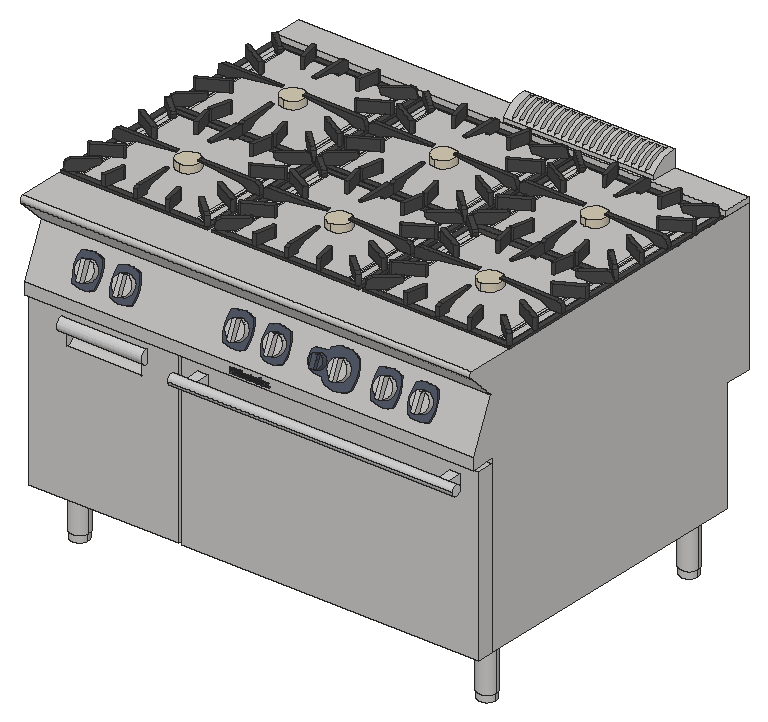
Revit family "QF_ELECTROLUXPROFESSIONAL_391014_E9GCGL6C1M", category Specialty Equipment, Revit 2018 (continued)
Automatic sketch dimensions
  Extrusion 36 sketch curve to Extrusion 36 sketch curve = 0.462 mm
  Extrusion 36 sketch curve to Extrusion 36 sketch curve = 1.386 mm
  Extrusion 36 sketch curve to Extrusion 36 sketch curve = 1.742 mm
  Extrusion 36 sketch curve to Extrusion 36 sketch curve = 0.821 mm
  Extrusion 36 sketch curve to Extrusion 36 sketch curve = 0.497 mm
  Extrusion 36 sketch curve to Extrusion 36 sketch curve = 0.539 mm
  Extrusion 36 sketch curve to Extrusion 36 sketch curve = 0.686 mm
  Extrusion 36 sketch curve to plane 7 "Center Y" = 0.042 mm
  Extrusion 36 sketch curve to Extrusion 36 sketch curve = 0.408 mm
  Extrusion 36 sketch curve to Extrusion 36 sketch curve = 0.743 mm
  Extrusion 36 sketch curve to Extrusion 36 sketch curve = 1.16 mm
  Extrusion 36 sketch curve to Extrusion 36 sketch curve = 0.329 mm
  Extrusion 36 sketch curve to Extrusion 36 sketch curve = 1.054 mm
  Extrusion 36 sketch curve to Extrusion 36 sketch curve = 1.056 mm
  Extrusion 36 sketch curve to Extrusion 36 sketch curve = 0.129 mm
  Extrusion 36 sketch curve to Extrusion 36 sketch curve = 0.489 mm
  Extrusion 36 sketch curve to plane 7 "Center Y" = 0.376 mm
  Extrusion 36 sketch curve to Extrusion 36 sketch curve = 0.441 mm
  Extrusion 36 sketch curve to Extrusion 36 sketch curve = 1.151 mm
  Extrusion 36 sketch curve to Extrusion 36 sketch curve = 1.141 mm  (x2)
  Extrusion 36 sketch curve to Extrusion 36 sketch curve = 0.768 mm
  Extrusion 36 sketch curve to Extrusion 36 sketch curve = 1.653 mm
  Extrusion 36 sketch curve to Extrusion 36 sketch curve = 0.499 mm
  Extrusion 36 sketch curve to Extrusion 36 sketch curve = 0.964 mm
  Extrusion 36 sketch curve to Extrusion 36 sketch curve = 0.949 mm
  Extrusion 36 sketch curve to Extrusion 36 sketch curve = 1.345 mm  (x3)
  Extrusion 36 sketch curve to Extrusion 36 sketch curve = 1.101 mm
  Extrusion 36 sketch curve to Extrusion 36 sketch curve = 0.432 mm
  Extrusion 36 sketch curve to Extrusion 36 sketch curve = 1.142 mm
  Extrusion 36 sketch curve to Extrusion 36 sketch curve = 0.959 mm
  Extrusion 36 sketch curve to Extrusion 36 sketch curve = 0.176 mm
  Extrusion 36 sketch curve to Extrusion 36 sketch curve = 0.728 mm
  Extrusion 36 sketch curve to Extrusion 36 sketch curve = 3.375 mm  (x2)
  Extrusion 36 sketch curve to Extrusion 36 sketch curve = 0.541 mm
  Extrusion 36 sketch curve to Extrusion 36 sketch curve = 0.955 mm
  Extrusion 36 sketch curve to Extrusion 36 sketch curve = 1.251 mm
  Extrusion 36 sketch curve to Extrusion 36 sketch curve = 0.572 mm
  plane 7 "Center Y" to Extrusion 36 sketch curve = 47.619 mm
  Extrusion 36 sketch curve to Extrusion 36 sketch curve = 1.92 mm
  Extrusion 36 sketch curve to Extrusion 36 sketch curve = 1.224 mm
  Extrusion 36 sketch curve to Extrusion 36 sketch curve = 0.745 mm
  Extrusion 36 sketch curve to Extrusion 36 sketch curve = 0.036 mm
  Extrusion 36 sketch curve to Extrusion 36 sketch curve = 0.896 mm  (x3)
  Extrusion 36 sketch curve to Extrusion 36 sketch curve = 2.607 mm
  Extrusion 36 sketch curve to Extrusion 36 sketch curve = 0.066 mm
  Extrusion 36 sketch curve to Extrusion 36 sketch curve = 0.248 mm
  Extrusion 36 sketch curve to Extrusion 36 sketch curve = 0.449 mm
  plane 7 "Center Y" to Extrusion 36 sketch curve = 46.838 mm
  Extrusion 36 sketch curve to Extrusion 36 sketch curve = 1.052 mm
  Extrusion 36 sketch curve to Extrusion 36 sketch curve = 1.863 mm
  Extrusion 36 sketch curve to Extrusion 36 sketch curve = 1.31 mm  (x2)
  Extrusion 36 sketch curve to Extrusion 36 sketch curve = 0.901 mm
  Extrusion 36 sketch curve to Extrusion 36 sketch curve = 1.107 mm
  Extrusion 36 sketch curve to Extrusion 36 sketch curve = 2.122 mm
  Extrusion 36 sketch curve to Extrusion 36 sketch curve = 2.101 mm
  Extrusion 36 sketch curve to Extrusion 36 sketch curve = 0.106 mm
  Extrusion 36 sketch curve to Extrusion 36 sketch curve = 0.029 mm
  plane 7 "Center Y" to Extrusion 36 sketch curve = 49.641 mm
  Extrusion 36 sketch curve to Extrusion 36 sketch curve = 2.09 mm
  Extrusion 36 sketch curve to Extrusion 36 sketch curve = 1.279 mm
  Extrusion 36 sketch curve to Extrusion 36 sketch curve = 2.008 mm
  Extrusion 36 sketch curve to Extrusion 36 sketch curve = 0.738 mm
  Extrusion 36 sketch curve to Extrusion 36 sketch curve = 0.382 mm
  Extrusion 36 sketch curve to Extrusion 36 sketch curve = 0.384 mm
  Extrusion 36 sketch curve to Extrusion 36 sketch curve = 0.002 mm
  Extrusion 36 sketch curve to Extrusion 36 sketch curve = 0.561 mm
  Extrusion 36 sketch curve to Extrusion 36 sketch curve = 0.592 mm
  Extrusion 36 sketch curve to Extrusion 36 sketch curve = 2.692 mm
  Extrusion 36 sketch curve to Extrusion 36 sketch curve = 1.259 mm
  plane 7 "Center Y" to Extrusion 36 sketch curve = 48.858 mm
  Extrusion 36 sketch curve to Extrusion 36 sketch curve = 0.802 mm
  Extrusion 36 sketch curve to Extrusion 36 sketch curve = 1.024 mm
  Extrusion 36 sketch curve to Extrusion 36 sketch curve = 0.682 mm
  Extrusion 36 sketch curve to Extrusion 36 sketch curve = 5.934 mm
  Extrusion 36 sketch curve to Extrusion 36 sketch curve = 2.186 mm
  Extrusion 36 sketch curve to Extrusion 36 sketch curve = 0.337 mm
  Extrusion 36 sketch curve to Extrusion 36 sketch curve = 0.021 mm
  Extrusion 36 sketch curve to Extrusion 36 sketch curve = 1.005 mm
  Extrusion 36 sketch curve to Extrusion 36 sketch curve = 0.552 mm
  Extrusion 36 sketch curve to Extrusion 36 sketch curve = 0.778 mm
  Extrusion 36 sketch curve to Extrusion 36 sketch curve = 0.063 mm
  Extrusion 36 sketch curve to Extrusion 36 sketch curve = 1.023 mm
  Extrusion 36 sketch curve to Extrusion 36 sketch curve = 3.804 mm
  Extrusion 36 sketch curve to Extrusion 36 sketch curve = 0.486 mm
  Extrusion 36 sketch curve to Extrusion 36 sketch curve = 0.266 mm
  Extrusion 36 sketch curve to plane 7 "Center Y" = 0.787 mm
  Extrusion 36 sketch curve to Extrusion 36 sketch curve = 1.547 mm
  Extrusion 36 sketch curve to Extrusion 36 sketch curve = 0.717 mm  (x2)
  Extrusion 36 sketch curve to Extrusion 36 sketch curve = 1.667 mm
  plane 7 "Center Y" to Extrusion 36 sketch curve = 44.532 mm
  Extrusion 36 sketch curve to Extrusion 36 sketch curve = 3.174 mm
  plane 7 "Center Y" to Extrusion 36 sketch curve = 0.368 mm
  Extrusion 36 sketch curve to Extrusion 36 sketch curve = 0.388 mm
  Extrusion 36 sketch curve to Extrusion 36 sketch curve = 1.342 mm
  plane 7 "Center Y" to Extrusion 36 sketch curve = 50.135 mm
  Extrusion 36 sketch curve to Extrusion 36 sketch curve = 1.521 mm
  plane 7 "Center Y" to Extrusion 36 sketch curve = 51.694 mm
  Extrusion 36 sketch curve to Extrusion 36 sketch curve = 0.124 mm
  Extrusion 36 sketch curve to Extrusion 36 sketch curve = 0.291 mm
  plane 7 "Center Y" to Extrusion 36 sketch curve = 7.285 mm
  Extrusion 36 sketch curve to Extrusion 36 sketch curve = 1.049 mm  (x2)
  plane 7 "Center Y" to Extrusion 36 sketch curve = 47.668 mm
  Extrusion 36 sketch curve to Extrusion 36 sketch curve = 1.7 mm
  Extrusion 36 sketch curve to Extrusion 36 sketch curve = 0.894 mm
  Extrusion 36 sketch curve to Extrusion 36 sketch curve = 0.989 mm
  Extrusion 36 sketch curve to Extrusion 36 sketch curve = 1.168 mm
  Extrusion 36 sketch curve to Extrusion 36 sketch curve = 1.594 mm
  Extrusion 36 sketch curve to Extrusion 36 sketch curve = 0.731 mm
  Extrusion 36 sketch curve to Extrusion 36 sketch curve = 1.566 mm
  Extrusion 36 sketch curve to Extrusion 36 sketch curve = 0.064 mm
  plane 7 "Center Y" to Extrusion 36 sketch curve = 7.842 mm
  Extrusion 36 sketch curve to Extrusion 36 sketch curve = 0.556 mm
  Extrusion 36 sketch curve to Extrusion 36 sketch curve = 0.48 mm
  Extrusion 36 sketch curve to Extrusion 36 sketch curve = 0.228 mm
  Extrusion 36 sketch curve to Extrusion 36 sketch curve = 1.018 mm
  plane 7 "Center Y" to Extrusion 36 sketch curve = 37.429 mm
  Extrusion 36 sketch curve to Extrusion 36 sketch curve = 0.787 mm
  Extrusion 36 sketch curve to Extrusion 36 sketch curve = 0.618 mm
  plane 7 "Center Y" to Extrusion 36 sketch curve = 42.486 mm
  Extrusion 36 sketch curve to Extrusion 36 sketch curve = 1.672 mm
  plane 7 "Center Y" to Extrusion 36 sketch curve = 53.436 mm
  Extrusion 36 sketch curve to Extrusion 36 sketch curve = 1.361 mm
  Extrusion 36 sketch curve to Extrusion 36 sketch curve = 0.822 mm
  Extrusion 36 sketch curve to Extrusion 36 sketch curve = 0.069 mm
  Extrusion 36 sketch curve to Extrusion 36 sketch curve = 1.88 mm
  plane 7 "Center Y" to Extrusion 36 sketch curve = 35.269 mm
  Extrusion 36 sketch curve to Extrusion 36 sketch curve = 0.42 mm
  Extrusion 36 sketch curve to Extrusion 36 sketch curve = 0.062 mm
  Extrusion 36 sketch curve to Extrusion 36 sketch curve = 1.355 mm
  Extrusion 36 sketch curve to Extrusion 36 sketch curve = 2.34 mm
  Extrusion 36 sketch curve to Extrusion 36 sketch curve = 0.493 mm
  Extrusion 36 sketch curve to Extrusion 36 sketch curve = 0.136 mm
  Extrusion 36 sketch curve to Extrusion 36 sketch curve = 0.128 mm
  Extrusion 36 sketch curve to Extrusion 36 sketch curve = 3.616 mm
  Extrusion 36 sketch curve to Extrusion 36 sketch curve = 4.207 mm
  Extrusion 36 sketch curve to Extrusion 36 sketch curve = 0.183 mm
  Extrusion 36 sketch curve to Extrusion 36 sketch curve = 0.895 mm
  Extrusion 36 sketch curve to Extrusion 36 sketch curve = 1.314 mm
  Extrusion 36 sketch curve to Extrusion 36 sketch curve = 3.231 mm
  Extrusion 36 sketch curve to plane 7 "Center Y" = 23.526 mm
  Extrusion 36 sketch curve to Extrusion 36 sketch curve = 1.299 mm
  Extrusion 36 sketch curve to Extrusion 36 sketch curve = 1.214 mm
  plane 7 "Center Y" to Extrusion 36 sketch curve = 26.369 mm
  Extrusion 36 sketch curve to Extrusion 36 sketch curve = 1.264 mm
  Extrusion 36 sketch curve to Extrusion 36 sketch curve = 0.109 mm
  Extrusion 36 sketch curve to Extrusion 36 sketch curve = 0.357 mm
  Extrusion 36 sketch curve to Extrusion 36 sketch curve = 0.565 mm
  Extrusion 36 sketch curve to Extrusion 36 sketch curve = 2.504 mm
  Extrusion 36 sketch curve to Extrusion 36 sketch curve = 2.459 mm
  Extrusion 36 sketch curve to Extrusion 36 sketch curve = 0.983 mm
  Extrusion 36 sketch curve to Extrusion 36 sketch curve = 0.422 mm  (x2)
  Extrusion 36 sketch curve to Extrusion 36 sketch curve = 1.268 mm
  Extrusion 36 sketch curve to Extrusion 36 sketch curve = 0.671 mm
  Extrusion 36 sketch curve to Extrusion 36 sketch curve = 1.634 mm
  Extrusion 36 sketch curve to Extrusion 36 sketch curve = 0.132 mm
  Extrusion 36 sketch curve to Extrusion 36 sketch curve = 0.586 mm
  Extrusion 36 sketch curve to Extrusion 36 sketch curve = 1.241 mm
  Extrusion 36 sketch curve to Extrusion 36 sketch curve = 1.689 mm
  Extrusion 36 sketch curve to Extrusion 36 sketch curve = 0.627 mm
  Extrusion 36 sketch curve to Extrusion 36 sketch curve = 0.419 mm
  Extrusion 36 sketch curve to Extrusion 36 sketch curve = 1.514 mm
  Extrusion 36 sketch curve to Extrusion 36 sketch curve = 1.019 mm
  Extrusion 36 sketch curve to Extrusion 36 sketch curve = 0.065 mm
  Extrusion 36 sketch curve to Extrusion 36 sketch curve = 1.215 mm
  Extrusion 36 sketch curve to Extrusion 36 sketch curve = 1.122 mm
  Extrusion 36 sketch curve to Extrusion 36 sketch curve = 1.153 mm
  Extrusion 36 sketch curve to Extrusion 36 sketch curve = 1.223 mm
  Extrusion 36 sketch curve to Extrusion 36 sketch curve = 0.934 mm
  Extrusion 36 sketch curve to Extrusion 36 sketch curve = 3.376 mm
  Extrusion 36 sketch curve to Extrusion 36 sketch curve = 0.222 mm
  Extrusion 36 sketch curve to Extrusion 36 sketch curve = 1.383 mm
  Extrusion 36 sketch curve to Extrusion 36 sketch curve = 1.556 mm
  Extrusion 36 sketch curve to Extrusion 36 sketch curve = 2.559 mm
  Extrusion 36 sketch curve to Extrusion 36 sketch curve = 2.51 mm
  Extrusion 36 sketch curve to Extrusion 36 sketch curve = 0.131 mm
  Extrusion 36 sketch curve to Extrusion 36 sketch curve = 1.134 mm
  Extrusion 36 sketch curve to Extrusion 36 sketch curve = 0.094 mm
  Extrusion 36 sketch curve to Extrusion 36 sketch curve = 1.584 mm
  Extrusion 36 sketch curve to Extrusion 36 sketch curve = 0.27 mm
  Extrusion 36 sketch curve to Extrusion 36 sketch curve = 0.916 mm
  Extrusion 36 sketch curve to Extrusion 36 sketch curve = 0.352 mm
  Extrusion 36 sketch curve to Extrusion 36 sketch curve = 0.458 mm
  Extrusion 36 sketch curve to Extrusion 36 sketch curve = 1.282 mm
  Extrusion 36 sketch curve to Extrusion 36 sketch curve = 1.363 mm
  Extrusion 36 sketch curve to Extrusion 36 sketch curve = 0.685 mm
  Extrusion 36 sketch curve to Extrusion 36 sketch curve = 0.905 mm
  Extrusion 36 sketch curve to Extrusion 36 sketch curve = 1.477 mm
  Extrusion 36 sketch curve to Extrusion 36 sketch curve = 0.472 mm
  Extrusion 36 sketch curve to Extrusion 36 sketch curve = 0.101 mm
  Extrusion 36 sketch curve to Extrusion 36 sketch curve = 0.54 mm
  Extrusion 36 sketch curve to Extrusion 36 sketch curve = 0.02 mm
  Extrusion 36 sketch curve to Extrusion 36 sketch curve = 0.829 mm
  Extrusion 36 sketch curve to Extrusion 36 sketch curve = 0.582 mm
  Extrusion 36 sketch curve to Extrusion 36 sketch curve = 0.166 mm
  Extrusion 36 sketch curve to Extrusion 36 sketch curve = 0.16 mm
  Extrusion 36 sketch curve to Extrusion 36 sketch curve = 1.118 mm
  Extrusion 36 sketch curve to Extrusion 36 sketch curve = 0.613 mm
  Extrusion 36 sketch curve to Extrusion 36 sketch curve = 0.781 mm
  Extrusion 36 sketch curve to Extrusion 36 sketch curve = 0.361 mm
  Extrusion 36 sketch curve to Extrusion 36 sketch curve = 0.897 mm
  Extrusion 36 sketch curve to Extrusion 36 sketch curve = 0.167 mm
  Extrusion 36 sketch curve to Extrusion 36 sketch curve = 0.292 mm
  Extrusion 36 sketch curve to Extrusion 36 sketch curve = 0.305 mm
  Extrusion 36 sketch curve to Extrusion 36 sketch curve = 1.557 mm
  Extrusion 36 sketch curve to Extrusion 36 sketch curve = 2.499 mm
  Extrusion 36 sketch curve to Extrusion 36 sketch curve = 3.062 mm
  Extrusion 36 sketch curve to Extrusion 36 sketch curve = 2.968 mm
  Extrusion 36 sketch curve to Extrusion 36 sketch curve = 5.044 mm
  Extrusion 36 sketch curve to Extrusion 36 sketch curve = 0.629 mm  (x2)
  Extrusion 36 sketch curve to Extrusion 36 sketch curve = 1.131 mm
  Extrusion 36 sketch curve to Extrusion 36 sketch curve = 0.137 mm
  Extrusion 36 sketch curve to Extrusion 36 sketch curve = 0.027 mm
  Extrusion 36 sketch curve to Extrusion 36 sketch curve = 2.046 mm
  Extrusion 36 sketch curve to Extrusion 36 sketch curve = 2.235 mm
  Revolve 37 sketch curve to plane 9 "Base" = 0 mm  (x2)
  Revolve 37 sketch curve to level = 0 mm
  Revolve 37 sketch curve to plane 18 = 0 mm  (x2)
  Revolve 37 sketch curve to Revolve 37 sketch curve = 22.9 mm
  Revolve 37 sketch curve to Revolve 37 sketch curve = 2.5 mm
  plane 9 "Base" to Revolve 37 sketch curve = 20 mm
  level to Revolve 37 sketch curve = 19.05 mm
  Revolve 38 sketch curve to plane 9 "Base" = 0 mm  (x2)
  Revolve 38 sketch curve to level = 0 mm
  Revolve 38 sketch curve to plane 18 = 0 mm  (x2)
  Revolve 38 sketch curve to Revolve 38 sketch curve = 22.9 mm
  Revolve 38 sketch curve to Revolve 38 sketch curve = 2.5 mm
  plane 9 "Base" to Revolve 38 sketch curve = 20 mm
  level to Revolve 38 sketch curve = 19.05 mm
  plane 1 "BACK" to Extrusion 39 sketch curve = 63.911 mm  (x2)
  Extrusion 39 sketch curve to plane 18 = 156.447 mm
  Extrusion 39 sketch curve to Extrusion 39 sketch curve = 9.296 mm  (x20)
  Extrusion 39 sketch curve to Extrusion 39 sketch curve = 9.397 mm  (x19)
  Extrusion 39 sketch curve to Extrusion 39 sketch curve = 0 mm  (x18)
  plane 1 "BACK" to Extrusion 39 sketch curve = 6.761 mm  (x20)
  Revolve 40 sketch curve to plane 9 "Base" = 0 mm  (x2)
  Revolve 40 sketch curve to level = 0 mm
  plane 17 to Revolve 40 sketch curve = 0 mm  (x2)
  plane 17 to Revolve 40 sketch curve = 22.9 mm
  Revolve 40 sketch curve to Revolve 40 sketch curve = 2.5 mm
  level to Revolve 40 sketch curve = 19.05 mm
  plane 9 "Base" to Revolve 40 sketch curve = 20 mm
  Revolve 41 sketch curve to plane 9 "Base" = 0 mm  (x2)
  Revolve 41 sketch curve to level = 0 mm
  plane 17 to Revolve 41 sketch curve = 0 mm  (x2)
  plane 17 to Revolve 41 sketch curve = 22.9 mm
  Revolve 41 sketch curve to Revolve 41 sketch curve = 2.5 mm
  level to Revolve 41 sketch curve = 19.05 mm
  plane 9 "Base" to Revolve 41 sketch curve = 20 mm
  radius of Extrusion 4 sketch curve = 6.4 mm
  radius of Extrusion 9 sketch curve = 12.7 mm
  radius of Extrusion 13 sketch curve = 25.4 mm
  radius of Extrusion 14 sketch curve to Extrusion 13 = 0 mm  (x2)
  radius of Extrusion 16 sketch curve = 25.4 mm
  radius of Extrusion 17 sketch curve to Extrusion 16 = 0 mm  (x2)
  radius of Extrusion 18 sketch curve = 18.37 mm
  radius of Extrusion 21 sketch curve = 25.4 mm
  radius of Extrusion 22 sketch curve to Extrusion 21 = 0 mm  (x2)
  radius of Extrusion 24 sketch curve = 25.4 mm
  radius of Extrusion 25 sketch curve to Extrusion 24 = 0 mm  (x2)
  radius of Extrusion 28 sketch curve = 25.4 mm
  radius of Extrusion 29 sketch curve to Extrusion 28 = 0 mm  (x2)
  radius of Extrusion 31 sketch curve = 25.4 mm
  radius of Extrusion 32 sketch curve to Extrusion 31 = 0 mm  (x2)
  radius of Extrusion 34 sketch curve = 25.4 mm
  radius of Extrusion 35 sketch curve to Extrusion 34 = 0 mm  (x2)
Nested families
  nested 1: "371009_BURNER" at (0, -440.6, 0), type "371009_BURNER"
    with Type Mark "", Status "", Specification by User "", Revision Code "", Item Number "", Installed By "", Identify Quantity as Lot yes, Furnished By "", Foodservice Equipment Identifier yes
  nested 2: "371009_BURNER" at (403.15, -440.6, 0), type "371009_BURNER"
    with Type Mark "", Status "", Specification by User "", Revision Code "", Item Number "", Installed By "", Identify Quantity as Lot yes, Furnished By "", Foodservice Equipment Identifier yes
  nested 3: "371009_BURNER" at (1200, -440.6, 0) x (-1, 0, 0) z (0, 0, 1), type "371009_BURNER"
    with Type Mark "", Status "", Specification by User "", Revision Code "", Item Number "", Installed By "", Identify Quantity as Lot yes, Furnished By "", Foodservice Equipment Identifier yes
  nested 4: "371009_BURNER" at (0, -440.6, 0), type "371009_BURNER"
    with Type Mark "", Status "", Specification by User "", Revision Code "", Item Number "", Installed By "", Identify Quantity as Lot yes, Furnished By "", Foodservice Equipment Identifier yes
  nested 5: "371009_BURNER" at (403.15, -440.6, 0), type "371009_BURNER"
    with Type Mark "", Status "", Specification by User "", Revision Code "", Item Number "", Installed By "", Identify Quantity as Lot yes, Furnished By "", Foodservice Equipment Identifier yes
  nested 6: "371009_BURNER" at (1200, -440.6, 0) x (-1, 0, 0) z (0, 0, 1), type "371009_BURNER"
    with Type Mark "", Status "", Specification by User "", Revision Code "", Item Number "", Installed By "", Identify Quantity as Lot yes, Furnished By "", Foodservice Equipment Identifier yes
Connectors
  piping at (1149, -665, 129), diameter 12.7
    settings: on Extrusion 4, index 1, connector inside diameter 0.50394", connector length 0 mm, flow factor 0, pipe flow 0 GPM, pressure drop 0.00 psi, fitting loss kfactor 0, connector angle 0.00°, fixture units 0, engagement length 0 mm, angle of deflection 0.00°, flow configuration 1, flow direction 1, fitting loss method 0, system type 7, joint type 0, gender type 0, connector reference index -1, connector utility 0, adjustable connector no, is connector primary yes, connector description "GAS CONNECTION"
Definition of nested family "371009_BURNER"
  Parameters
    Weight in Pounds = 0
    URL Cutsheet = ""
    URL = "www.electrolux.com"
    Type Mark [instance] = ""
    Status [instance] = ""
    Specification by User [instance] = ""
    Specification by Manufacturer = ""
    Show Clearance [instance] = yes
    Serial Number = ""
    Seismic Rating = ""
    SMACNA No = ""
    Revision Code [instance] = ""
    Omniclass Number and Title = ""
    NAFEM Spec ID Number = ""
    Model = "371009"
    Masterspec = ""
    Manufacturer = "ELECTROLUX"
    Item Number [instance] = ""
    Installed By [instance] = ""
    Identify Quantity as Lot [instance] = yes
    Furnished By [instance] = ""
    Foodservice Equipment Identifier [instance] = yes
    Description = ""
    CSI MasterFormat = ""
    CSI Master Format = ""
  Reference planes
    plane 1 "BACK": y = 0
    plane 2: z = 0
    plane 3 "LEFT": x = 0
    plane 4 "RIGHT": x = 393.7
    plane 5 "FRONT": y = -355.6
    plane 6 "TOP": z = 908.85
    plane 7 "Center Y": x = 196.85
    plane 8 "Center X": y = -177.8
    plane 9 "Base": z = 150
    plane 10: z = 850.85
  Forms (mm)
    Extrusion 1, solid
      sketch origin (-6.433, -404.961, 5) x (1, 0, 0) y (0, 0, -1)
        loop
          arc (7.142, -850.85) -> (6.739, -862.989) -> (9.761, -874.752) r 42.809
          line (9.761, -874.752) -> (19.961, -879.425) -> (173.122, -879.425)
          arc (173.122, -879.425) -> (174.316, -878.312) -> (173.289, -877.043) r 1.197
          line (173.289, -877.043) -> (64.848, -864.021)
          arc (64.848, -864.021) -> (50.111, -858.738) -> (36.589, -850.85) r 85.245
          line (36.589, -850.85) -> (7.142, -850.85)
        loop
          line (399.424, -850.85) -> (369.977, -850.85)
          arc (369.977, -850.85) -> (356.455, -858.738) -> (341.718, -864.021) r 85.245
          line (341.718, -864.021) -> (233.277, -877.043)
          arc (233.277, -877.043) -> (232.25, -878.312) -> (233.444, -879.425) r 1.197
          line (233.444, -879.425) -> (386.605, -879.425) -> (396.806, -874.752)
          arc (396.806, -874.752) -> (399.827, -862.989) -> (399.424, -850.85) r 42.809
      from 224.564 to 234.564
    Extrusion 2, solid
      sketch origin (196.85, 175.397, 1219.2) x (0, 1, 0) y (0, 0, 1)
        loop
          line (-204.463, -363.35) -> (-175.397, -363.35) -> (-175.397, -339.506)
          arc (-175.397, -339.506) -> (-181.025, -338.266) -> (-185.611, -334.775) r 13.39
          line (-185.611, -334.775) -> (-278.903, -334.775)
          arc (-278.903, -334.775) -> (-280.097, -335.888) -> (-279.07, -337.157) r 1.197
          line (-279.07, -337.157) -> (-227.151, -347.464)
          arc (-227.151, -347.464) -> (-213.741, -352.457) -> (-204.463, -363.35) r 28.426
        loop
          arc (-496.332, -363.35) -> (-487.053, -352.457) -> (-473.644, -347.464) r 28.426
          line (-473.644, -347.464) -> (-421.725, -337.157)
          arc (-421.725, -337.157) -> (-420.697, -335.888) -> (-421.891, -334.775) r 1.197
          line (-421.891, -334.775) -> (-515.184, -334.775)
          arc (-515.184, -334.775) -> (-519.769, -338.266) -> (-525.397, -339.506) r 13.39
          line (-525.397, -339.506) -> (-525.397, -363.35) -> (-496.332, -363.35)
      from -5 to 5
    Extrusion 3, solid
      sketch origin (-6.433, 367.064, 850.85) x (0, -1, 0) y (1, 0, 0)
        loop
          line (722.664, 6.433) -> (722.664, 400.133) -> (367.064, 400.133) -> (367.064, 6.433) -> (722.664, 6.433)
        loop
          line (382.064, 21.433) -> (707.664, 21.433) -> (707.664, 385.133) -> (382.064, 385.133) -> (382.064, 21.433)
      from 0 to 5
    Extrusion 4, solid
      sketch origin (-18.933, 367.064, 855.85) x (0, -1, 0) y (1, 0, 0)
        loop
          circle (541.667, 215.783) r 30
      from -1.321 to 17.134
    Extrusion 5, solid
      sketch origin (-6.433, -367.064, 0) x (1, 0, 0) y (0, 0, -1)
        loop
          line (21.433, -855.85) -> (36.589, -855.85)
          arc (36.589, -855.85) -> (40.561, -855.243) -> (44.305, -853.783) r 18.259
          arc (44.305, -853.783) -> (45.997, -853.366) -> (47.69, -853.783) r 3.649
          arc (47.69, -853.783) -> (49.901, -854.522) -> (52.232, -854.529) r 7.328
          line (52.232, -854.529) -> (354.334, -854.529)
          arc (354.334, -854.529) -> (356.666, -854.522) -> (358.877, -853.783) r 7.328
          arc (358.877, -853.783) -> (360.569, -853.366) -> (362.261, -853.783) r 3.649
          arc (362.261, -853.783) -> (366.005, -855.243) -> (369.977, -855.85) r 18.259
          line (369.977, -855.85) -> (385.133, -855.85) -> (385.133, -850.85) -> (21.433, -850.85) -> (21.433, -855.85)
      from 26.464 to 352.064
    Extrusion 6, solid
      sketch origin (83.284, -458.334, 5) x (0.742103, 0.670286, 0) y (0, 0, -1)
        loop
          arc (88.629, -864.012) -> (73.909, -858.731) -> (60.402, -850.85) r 85.245
          line (60.402, -850.85) -> (14.993, -850.85)
          arc (14.993, -850.85) -> (14.642, -862.948) -> (17.686, -874.663) r 42.876
          line (17.686, -874.663) -> (27.899, -879.425) -> (89.664, -879.425)
          arc (89.664, -879.425) -> (92.39, -878.352) -> (93.654, -875.709) r 4
          arc (93.654, -875.709) -> (92.562, -869.25) -> (88.629, -864.012) r 13.87
        loop
          arc (457.638, -864.012) -> (453.704, -869.25) -> (452.613, -875.709) r 13.87
          arc (452.613, -875.709) -> (453.876, -878.352) -> (456.603, -879.425) r 4
          line (456.603, -879.425) -> (518.367, -879.425) -> (528.581, -874.663)
          arc (528.581, -874.663) -> (531.624, -862.948) -> (531.273, -850.85) r 42.876
          line (531.273, -850.85) -> (485.865, -850.85)
          arc (485.865, -850.85) -> (472.357, -858.731) -> (457.638, -864.012) r 85.245
      from 127.064 to 137.064
    Extrusion 7, solid
      sketch origin (310.416, -458.334, 5) x (-0.742103, 0.670286, 0) y (0, 0, 1)
        loop
          arc (88.629, 864.012) -> (92.562, 869.25) -> (93.654, 875.709) r 13.87
          arc (93.654, 875.709) -> (92.39, 878.352) -> (89.664, 879.425) r 4
          line (89.664, 879.425) -> (27.899, 879.425) -> (17.686, 874.663)
          arc (17.686, 874.663) -> (14.642, 862.948) -> (14.993, 850.85) r 42.876
          line (14.993, 850.85) -> (60.402, 850.85)
          arc (60.402, 850.85) -> (73.909, 858.731) -> (88.629, 864.012) r 85.245
        loop
          arc (457.638, 864.012) -> (472.357, 858.731) -> (485.865, 850.85) r 85.245
          line (485.865, 850.85) -> (531.273, 850.85)
          arc (531.273, 850.85) -> (531.624, 862.948) -> (528.581, 874.663) r 42.876
          line (528.581, 874.663) -> (518.367, 879.425) -> (456.603, 879.425)
          arc (456.603, 879.425) -> (453.876, 878.352) -> (452.613, 875.709) r 4
          arc (452.613, 875.709) -> (453.704, 869.25) -> (457.638, 864.012) r 13.87
      from 127.064 to 137.064
    Extrusion 8, solid
      sketch origin (-6.433, 367.064, 855.85) x (0, -1, 0) y (1, 0, 0)
        loop
          arc (626.166, 9.428) -> (632.956, 7.454) -> (634.93, 14.244) r 5
          line (634.93, 14.244) -> (600.514, 76.878)
          arc (600.514, 76.878) -> (593.724, 78.852) -> (591.75, 72.062) r 5
          line (591.75, 72.062) -> (626.166, 9.428)
        loop
          line (463.562, 9.428) -> (497.977, 72.062)
          arc (497.977, 72.062) -> (496.003, 78.852) -> (489.213, 76.878) r 5
          line (489.213, 76.878) -> (454.798, 14.244)
          arc (454.798, 14.244) -> (456.772, 7.454) -> (463.562, 9.428) r 5
        loop
          line (626.166, 397.138) -> (591.75, 334.504)
          arc (591.75, 334.504) -> (593.724, 327.714) -> (600.514, 329.689) r 5
          line (600.514, 329.689) -> (634.93, 392.323)
          arc (634.93, 392.323) -> (632.956, 399.113) -> (626.166, 397.138) r 5
        loop
          arc (463.562, 397.138) -> (456.772, 399.113) -> (454.798, 392.323) r 5
          line (454.798, 392.323) -> (489.213, 329.689)
          arc (489.213, 329.689) -> (496.003, 327.714) -> (497.977, 334.504) r 5
          line (497.977, 334.504) -> (463.562, 397.138)
        loop
          line (715.14, 293.499) -> (666.703, 282.317)
          arc (666.703, 282.317) -> (662.956, 276.32) -> (668.953, 272.573) r 5
          line (668.953, 272.573) -> (717.389, 283.756)
          arc (717.389, 283.756) -> (721.136, 289.752) -> (715.14, 293.499) r 5
        loop
          arc (715.14, 113.067) -> (721.136, 116.814) -> (717.389, 122.811) r 5
          line (717.389, 122.811) -> (668.953, 133.993)
          arc (668.953, 133.993) -> (662.956, 130.246) -> (666.703, 124.249) r 5
          line (666.703, 124.249) -> (715.14, 113.067)
        loop
          arc (374.588, 293.499) -> (368.591, 289.752) -> (372.338, 283.756) r 5
          line (372.338, 283.756) -> (420.775, 272.573)
          arc (420.775, 272.573) -> (426.771, 276.32) -> (423.024, 282.317) r 5
          line (423.024, 282.317) -> (374.588, 293.499)
        loop
          line (374.588, 113.067) -> (423.024, 124.249)
          arc (423.024, 124.249) -> (426.771, 130.246) -> (420.775, 133.993) r 5
          line (420.775, 133.993) -> (372.338, 122.811)
          arc (372.338, 122.811) -> (368.591, 116.814) -> (374.588, 113.067) r 5
      from 0 to 28.575
  Lines and regions (mm)
    symbolic lines
      curve 1: line (0, -355.6, 150) -> (393.7, -355.6, 150)
      curve 2: line (0, 0, 150) -> (0, -355.6, 150)
      curve 3: line (393.7, -355.6, 150) -> (393.7, 0, 150)
      curve 4: line (369.633, -15, 150) -> (285.34, -15, 150)
      curve 5: line (24.067, -340.6, 150) -> (108.36, -340.6, 150)
      curve 6: line (157.475, -170.397, 150) -> (157.475, -15, 150)
      curve 7: line (236.225, -170.397, 150) -> (236.225, -15, 150)
      curve 8: line (201.85, -350, 150) -> (201.85, -176.674, 150)
      curve 9: line (0, -180.397, 150) -> (167.224, -180.397, 150)
      curve 10: line (393.7, -170.397, 150) -> (228.275, -170.397, 150)
      curve 11: line (15, -180.397, 150) -> (15, -252.506, 150)
      curve 12: line (45.799, -340.6, 150) -> (45.799, -320.971, 150)
      curve 13: line (167.224, -170.397, 150) -> (0, -170.397, 150)
      curve 14: line (228.275, -180.504, 150) -> (393.7, -180.504, 150)
      curve 15: arc (228.275, -170.397, 150) -> (223.221, -175.45, 150) -> (228.275, -180.504, 150) r 5.054
      curve 16: arc (167.224, -170.397, 150) -> (172.224, -175.397, 150) -> (167.224, -180.397, 150) r 5
      curve 17: line (191.85, -176.674, 150) -> (191.85, -350, 150)
      curve 18: line (201.85, -134.556, 150) -> (201.85, -0.794, 150)
      curve 19: arc (201.85, -176.674, 150) -> (196.85, -171.674, 150) -> (191.85, -176.674, 150) r 5
      curve 20: arc (201.85, -134.556, 150) -> (196.85, -139.556, 150) -> (191.85, -134.556, 150) r 5
      curve 21: line (191.85, -15, 150) -> (118.623, -15, 150)
      curve 22: arc (201.85, -29.042, 150) -> (213.272, -50.008, 150) -> (201.85, -70.973, 150) r 24.953
      curve 23: arc (213.086, -53.048, 150) -> (214.5, -50.008, 150) -> (213.086, -46.967, 150) r 3.975
      curve 24: arc (191.85, -29.852, 150) -> (181.339, -50.008, 150) -> (191.85, -70.163, 150) r 24.58
      curve 25: arc (181.527, -53.042, 150) -> (179.976, -50.008, 150) -> (181.527, -46.973, 150) r 3.745
      curve 26: line (191.85, -0.794, 150) -> (191.85, -134.556, 150)
      curve 27: line (191.85, -350, 150) -> (201.85, -350, 150)
      curve 28: line (191.85, -11.007, 150) -> (201.85, -11.007, 150)
      curve 29: line (191.85, -0.794, 150) -> (201.85, -0.794, 150)
      curve 30: line (201.85, -340.6, 150) -> (275.077, -340.6, 150)
      curve 31: arc (196.85, -145.397, 0) -> (166.955, -172.888, 0) -> (191.85, -204.977, 0) r 30
      curve 32: arc (201.85, -204.977, 0) -> (226.745, -172.888, 0) -> (196.85, -145.397, 0) r 30
      curve 33: arc (158.678, -180.397, 0) -> (170.734, -200.207, 0) -> (191.85, -209.795, 0) r 39.375
      curve 34: line (163.825, -170.397, 150) -> (163.825, -15, 150)
      curve 35: line (229.875, -170.397, 150) -> (229.875, -15, 150)
      curve 36: line (144.775, -170.397, 150) -> (144.775, -15, 150)
      curve 37: line (248.925, -170.397, 150) -> (248.925, -15, 150)
      curve 38: arc (145.678, -180.397, 0) -> (161.728, -209.187, 0) -> (191.85, -222.573, 0) r 52.075
      curve 39: arc (201.85, -209.795, 0) -> (222.966, -200.207, 0) -> (235.022, -180.397, 0) r 39.375
      curve 40: arc (201.85, -222.573, 0) -> (231.931, -209.224, 0) -> (248.001, -180.504, 0) r 52.075
      curve 41: line (393.7, 0, 0) -> (0, 0, 0)
      curve 42: line (70.445, -122.149, 0) -> (7.81, -87.734, 0)
      curve 43: arc (7.81, -87.734, 0) -> (1.021, -89.708, 0) -> (2.995, -96.498, 0) r 5
      curve 44: line (2.995, -96.498, 0) -> (65.629, -130.914, 0)
      curve 45: arc (65.629, -130.914, 0) -> (72.419, -128.939, 0) -> (70.445, -122.149, 0) r 5
      curve 46: line (65.629, -224.686, 0) -> (2.995, -259.102, 0)
      curve 47: arc (2.995, -259.102, 0) -> (1.021, -265.892, 0) -> (7.81, -267.866, 0) r 5
      curve 48: line (7.81, -267.866, 0) -> (70.445, -233.451, 0)
      curve 49: arc (70.445, -233.451, 0) -> (72.419, -226.661, 0) -> (65.629, -224.686, 0) r 5
      curve 50: line (323.255, -122.149, 0) -> (385.89, -87.734, 0)
      curve 51: arc (385.89, -87.734, 0) -> (392.679, -89.708, 0) -> (390.705, -96.498, 0) r 5
      curve 52: line (390.705, -96.498, 0) -> (328.071, -130.914, 0)
      curve 53: arc (328.071, -130.914, 0) -> (321.281, -128.939, 0) -> (323.255, -122.149, 0) r 5
      curve 54: line (328.071, -224.686, 0) -> (390.705, -259.102, 0)
      curve 55: arc (390.705, -259.102, 0) -> (392.679, -265.892, 0) -> (385.89, -267.866, 0) r 5
      curve 56: line (385.89, -267.866, 0) -> (323.255, -233.451, 0)
      curve 57: arc (323.255, -233.451, 0) -> (321.281, -226.661, 0) -> (328.071, -224.686, 0) r 5
      curve 58: line (118.623, -340.6, 150) -> (191.85, -340.6, 150)
      curve 59: line (285.34, -340.6, 150) -> (369.633, -340.6, 150)
      curve 60: line (378.7, -335.314, 0) -> (378.7, -263.916, 0)
      curve 61: line (1.326, -7.935, 0) -> (58.752, -59.804, 0)
      curve 62: line (65.455, -52.383, 0) -> (8.029, -0.514, 0)
      curve 63: arc (58.752, -59.804, 0) -> (65.814, -59.445, 0) -> (65.455, -52.383, 0) r 5
      curve 64: line (1.326, -7.935, 0) -> (8.029, -0.514, 0)
      curve 65: line (392.374, -7.935, 0) -> (334.948, -59.804, 0)
      curve 66: line (328.245, -52.383, 0) -> (385.671, -0.514, 0)
      curve 67: arc (334.948, -59.804, 0) -> (327.886, -59.445, 0) -> (328.245, -52.383, 0) r 5
      curve 68: line (392.374, -7.935, 0) -> (385.671, -0.514, 0)
      curve 69: line (392.374, -347.665, 0) -> (334.948, -295.796, 0)
      curve 70: line (328.245, -303.217, 0) -> (385.671, -355.086, 0)
      curve 71: arc (334.948, -295.796, 0) -> (327.886, -296.155, 0) -> (328.245, -303.217, 0) r 5
      curve 72: line (392.374, -347.665, 0) -> (385.671, -355.086, 0)
      curve 73: line (1.326, -347.665, 0) -> (58.752, -295.796, 0)
      curve 74: line (65.455, -303.217, 0) -> (8.029, -355.086, 0)
      curve 75: arc (58.752, -295.796, 0) -> (65.814, -296.155, 0) -> (65.455, -303.217, 0) r 5
      curve 76: line (1.326, -347.665, 0) -> (8.029, -355.086, 0)
      curve 77: line (347.901, -15, 0) -> (347.901, -34.629, 0)
      curve 78: line (347.901, -320.971, 0) -> (347.901, -340.6, 0)
      curve 79: line (378.7, -252.506, 0) -> (378.7, -180.397, 0)
      curve 80: line (347.901, -246.993, 0) -> (347.901, -307.496, 0)
      curve 81: line (378.7, -170.397, 0) -> (378.7, -103.094, 0)
      curve 82: line (347.901, -180.397, 0) -> (347.901, -235.582, 0)
      curve 83: line (378.7, -91.684, 0) -> (378.7, -20.286, 0)
      curve 84: line (347.901, -120.018, 0) -> (347.901, -170.397, 0)
      curve 85: line (347.901, -48.104, 0) -> (347.901, -108.607, 0)
      curve 86: line (275.077, -15, 150) -> (201.85, -15, 150)
      curve 87: line (108.36, -15, 150) -> (24.067, -15, 150)
      curve 88: line (45.799, -40, 150) -> (45.799, -15, 150)
      curve 89: line (45.799, -108.607, 150) -> (45.799, -40, 150)
      curve 90: line (15, -20.286, 0) -> (15, -91.684, 0)
      curve 91: line (15, -103.094, 0) -> (15, -170.397, 0)
      curve 92: line (45.799, -170.397, 150) -> (45.799, -120.018, 150)
      curve 93: line (45.799, -235.582, 150) -> (45.799, -180.397, 150)
      curve 94: line (15, -263.916, 150) -> (15, -335.314, 150)
      curve 95: line (45.799, -307.496, 150) -> (45.799, -246.993, 150)
      curve 96: line (116.378, -350.325, 0) -> (127.56, -301.889, 0)
      curve 97: arc (127.56, -301.889, 0) -> (123.813, -295.892, 0) -> (117.816, -299.64, 0) r 5
      curve 98: line (117.816, -299.64, 0) -> (106.634, -348.076, 0)
      curve 99: arc (106.634, -348.076, 0) -> (110.381, -354.072, 0) -> (116.378, -350.325, 0) r 5
      curve 100: line (266.14, -301.889, 0) -> (277.322, -350.325, 0)
      curve 101: arc (277.322, -350.325, 0) -> (283.319, -354.072, 0) -> (287.066, -348.076, 0) r 5
      curve 102: line (287.066, -348.076, 0) -> (275.884, -299.64, 0)
      curve 103: arc (275.884, -299.64, 0) -> (269.887, -295.892, 0) -> (266.14, -301.889, 0) r 5
      curve 104: line (275.884, -55.96, 0) -> (287.066, -7.524, 0)
      curve 105: arc (287.066, -7.524, 0) -> (283.319, -1.528, 0) -> (277.322, -5.275, 0) r 5
      curve 106: line (277.322, -5.275, 0) -> (266.14, -53.711, 0)
      curve 107: arc (266.14, -53.711, 0) -> (269.887, -59.708, 0) -> (275.884, -55.96, 0) r 5
      curve 108: line (127.56, -53.711, 0) -> (116.378, -5.275, 0)
      curve 109: arc (116.378, -5.275, 0) -> (110.381, -1.528, 0) -> (106.634, -7.524, 0) r 5
      curve 110: line (106.634, -7.524, 0) -> (117.816, -55.96, 0)
      curve 111: arc (117.816, -55.96, 0) -> (123.813, -59.708, 0) -> (127.56, -53.711, 0) r 5
  Dimensions and locks
    equal spacing: plane 3 "LEFT", plane 7 "Center Y", plane 4 "RIGHT"
    plane 3 "LEFT" to plane 4 "RIGHT" = 393.7 mm
    equal spacing: plane 5 "FRONT", plane 8 "Center X", plane 1 "BACK"
    plane 5 "FRONT" to plane 1 "BACK" = 355.6 mm
    plane 6 "TOP" to level = 908.85 mm
    plane 9 "Base" to level = 150 mm
    plane 6 "TOP" to plane 10 = 58 mm  (x2)
    locked: Extrusion 4 sketch curve to plane 7 "Center Y" at 0
    aligned and locked: level to plane 2
  Automatic sketch dimensions
    curve 10 to plane 4 "RIGHT" = 0 mm
    curve 20 to plane 7 "Center Y" = 0 mm
    curve 19 to plane 7 "Center Y" = 0 mm
    curve 9 to plane 3 "LEFT" = 0 mm
    plane 1 "BACK" to curve 2 = 0 mm
    plane 1 "BACK" to curve 3 = 0 mm
    plane 5 "FRONT" to curve 2 = 0 mm
    curve 4 to plane 4 "RIGHT" = 24.067 mm
    curve 59 to plane 4 "RIGHT" = 24.067 mm
    plane 1 "BACK" to curve 37 = 15 mm
    plane 7 "Center Y" to curve 37 = 52.075 mm
    curve 37 to curve 7 = 12.7 mm
    curve 7 to curve 35 = 6.35 mm
    plane 8 "Center X" to curve 15 = 2.35 mm
    curve 35 to curve 15 = 1.6 mm
    plane 7 "Center Y" to curve 23 = 16.236 mm
    curve 23 to curve 23 = 0 mm
    curve 23 to curve 23 = 2.56 mm
    curve 23 to curve 24 = 4.607 mm
    plane 7 "Center Y" to curve 86 = 5 mm
    plane 7 "Center Y" to curve 27 = 5 mm
    curve 22 to plane 7 "Center Y" = 8.531 mm
    curve 22 to curve 25 = 4.597 mm
    curve 25 to curve 25 = 2.194 mm  (x2)
    curve 9 to plane 8 "Center X" = 2.597 mm
    curve 17 to curve 9 = 24.626 mm
    curve 21 to curve 34 = 28.025 mm
    curve 34 to curve 6 = 6.35 mm
    plane 8 "Center X" to curve 36 = 7.403 mm
    curve 6 to curve 36 = 12.7 mm
    plane 3 "LEFT" to curve 12 = 45.799 mm
    plane 3 "LEFT" to curve 87 = 24.067 mm
    plane 3 "LEFT" to curve 5 = 24.067 mm
    plane 1 "BACK" to curve 26 = 0.794 mm
    curve 28 to curve 86 = 3.993 mm
    curve 28 to curve 21 = 3.993 mm
    curve 86 to curve 22 = 14.042 mm
    curve 22 to curve 24 = 0.81 mm
    curve 22 to curve 23 = 17.925 mm
    curve 25 to curve 22 = 3.035 mm
    plane 8 "Center X" to curve 26 = 43.244 mm
    curve 15 to curve 15 = 5.054 mm
    plane 8 "Center X" to curve 17 = 1.126 mm
    curve 94 to curve 12 = 5.286 mm
    curve 58 to plane 5 "FRONT" = 15 mm
    curve 59 to plane 5 "FRONT" = 15 mm
    curve 8 to plane 5 "FRONT" = 5.6 mm
    plane 3 "LEFT" to Extrusion 1 sketch curve = 0.709 mm
    plane 3 "LEFT" to Extrusion 1 sketch curve = 3.327 mm
    Extrusion 1 sketch curve to Extrusion 1 sketch curve = 10.201 mm
    plane 10 to Extrusion 1 sketch curve = 5 mm  (x2)
    Extrusion 1 sketch curve to Extrusion 1 sketch curve = 29.447 mm
    Extrusion 1 sketch curve to Extrusion 1 sketch curve = 12.704 mm  (x2)
    Extrusion 1 sketch curve to Extrusion 1 sketch curve = 15.555 mm  (x2)
    plane 3 "LEFT" to Extrusion 1 sketch curve = 79.689 mm
    Extrusion 1 sketch curve to plane 7 "Center Y" = 30.161 mm
    Extrusion 1 sketch curve to Extrusion 1 sketch curve = 0.167 mm  (x2)
    plane 7 "Center Y" to Extrusion 1 sketch curve = 29.994 mm
    Extrusion 1 sketch curve to plane 4 "RIGHT" = 79.689 mm
    plane 10 to Extrusion 1 sketch curve = 18.171 mm
    Extrusion 1 sketch curve to plane 4 "RIGHT" = 58.415 mm
    Extrusion 1 sketch curve to plane 4 "RIGHT" = 13.528 mm
    Extrusion 1 sketch curve to plane 4 "RIGHT" = 3.327 mm
    Extrusion 1 sketch curve to plane 4 "RIGHT" = 0.709 mm
    Extrusion 1 sketch curve to Extrusion 1 sketch curve = 23.902 mm  (x2)
    Extrusion 1 sketch curve to plane 6 "TOP" = 26.807 mm  (x2)
    Extrusion 1 sketch curve to Extrusion 1 sketch curve = 1.185 mm  (x2)
    Extrusion 1 sketch curve to Extrusion 1 sketch curve = 5.694 mm
    Extrusion 2 sketch curve to plane 1 "BACK" = 0 mm
    plane 1 "BACK" to Extrusion 2 sketch curve = 10.213 mm
    plane 10 to Extrusion 2 sketch curve = 5 mm  (x2)
    plane 1 "BACK" to Extrusion 2 sketch curve = 29.066 mm
    plane 10 to Extrusion 2 sketch curve = 20.886 mm
    Extrusion 2 sketch curve to Extrusion 2 sketch curve = 22.688 mm  (x2)
    Extrusion 2 sketch curve to plane 10 = 7.392 mm  (x2)
    Extrusion 2 sketch curve to plane 6 "TOP" = 24.425 mm
    Extrusion 2 sketch curve to Extrusion 2 sketch curve = 51.752 mm
    Extrusion 2 sketch curve to plane 6 "TOP" = 26.807 mm  (x2)
    Extrusion 2 sketch curve to Extrusion 2 sketch curve = 0.167 mm  (x2)
    Extrusion 2 sketch curve to plane 8 "Center X" = 68.528 mm
    Extrusion 2 sketch curve to plane 5 "FRONT" = 60.248 mm
    Extrusion 2 sketch curve to Extrusion 2 sketch curve = 2.895 mm
    Extrusion 2 sketch curve to plane 5 "FRONT" = 15.813 mm
    Extrusion 2 sketch curve to plane 5 "FRONT" = 5.6 mm
    Extrusion 2 sketch curve to Extrusion 2 sketch curve = 4.731 mm
    Extrusion 2 sketch curve to Extrusion 2 sketch curve = 23.844 mm
    Extrusion 2 sketch curve to Extrusion 2 sketch curve = 1.185 mm
    plane 1 "BACK" to Extrusion 3 sketch curve = 0 mm
    Extrusion 3 sketch curve to plane 3 "LEFT" = 0 mm
    plane 5 "FRONT" to Extrusion 3 sketch curve = 0 mm
    Extrusion 3 sketch curve to plane 4 "RIGHT" = 0 mm
    plane 1 "BACK" to Extrusion 3 sketch curve = 15 mm
    Extrusion 3 sketch curve to plane 5 "FRONT" = 15 mm
    plane 3 "LEFT" to Extrusion 3 sketch curve = 15 mm
    Extrusion 3 sketch curve to plane 4 "RIGHT" = 15 mm
    Extrusion 3 to Extrusion 4 sketch curve = 159.603 mm
    Extrusion 5 sketch curve to plane 10 = 0 mm
    plane 3 "LEFT" to Extrusion 5 sketch curve = 15 mm
    Extrusion 5 sketch curve to Extrusion 5 sketch curve = 14.402 mm
    plane 10 to Extrusion 5 sketch curve = 5 mm
    Extrusion 5 sketch curve to Extrusion 5 sketch curve = 15.156 mm
    plane 10 to Extrusion 5 sketch curve = 2.933 mm  (x3)
    Extrusion 5 sketch curve to Extrusion 5 sketch curve = 7.716 mm  (x2)
    Extrusion 5 sketch curve to Extrusion 5 sketch curve = 0 mm  (x3)
    Extrusion 5 sketch curve to Extrusion 5 sketch curve = 1.692 mm  (x2)
    Extrusion 5 sketch curve to Extrusion 5 sketch curve = 3.385 mm  (x2)
    Extrusion 5 sketch curve to plane 10 = 3.559 mm  (x2)
    plane 10 to Extrusion 5 sketch curve = 3.679 mm
    Extrusion 5 sketch curve to plane 4 "RIGHT" = 45.799 mm
    Extrusion 5 sketch curve to Extrusion 5 sketch curve = 1.143 mm
    Extrusion 5 sketch curve to plane 10 = 13.244 mm
    Extrusion 5 sketch curve to plane 4 "RIGHT" = 15 mm
    plane 10 to Extrusion 6 sketch curve = 5 mm  (x2)
    Extrusion 6 sketch curve to Extrusion 6 sketch curve = 2.692 mm  (x2)
    Extrusion 6 sketch curve to Extrusion 6 sketch curve = 10.213 mm  (x2)
    plane 10 to Extrusion 6 sketch curve = 12.281 mm
    Extrusion 6 sketch curve to Extrusion 6 sketch curve = 29.348 mm  (x2)
    Extrusion 6 sketch curve to Extrusion 6 sketch curve = 3.155 mm  (x2)
    Extrusion 6 sketch curve to Extrusion 6 sketch curve = 22.572 mm
    Extrusion 6 sketch curve to Extrusion 6 sketch curve = 8.81 mm
    Extrusion 6 sketch curve to Extrusion 6 sketch curve = 9.845 mm  (x2)
    Extrusion 6 sketch curve to Extrusion 6 sketch curve = 3.99 mm  (x2)
    Extrusion 6 sketch curve to Extrusion 6 sketch curve = 0 mm  (x2)
    Extrusion 6 sketch curve to Extrusion 6 sketch curve = 49.533 mm
    Extrusion 6 sketch curve to plane 10 = 64.377 mm
    Extrusion 6 sketch curve to Extrusion 6 sketch curve = 326.397 mm
    Extrusion 6 sketch curve to plane 6 "TOP" = 28.141 mm
    Extrusion 6 sketch curve to Extrusion 6 sketch curve = 16.281 mm
    Extrusion 6 sketch curve to Extrusion 6 sketch curve = 1.035 mm
    Extrusion 6 sketch curve to Extrusion 6 sketch curve = 19.417 mm
    Extrusion 6 sketch curve to Extrusion 6 sketch curve = 4.763 mm  (x2)
    Extrusion 6 sketch curve to Extrusion 6 sketch curve = 3.716 mm
    plane 10 to Extrusion 7 sketch curve = 5 mm  (x2)
    Extrusion 7 sketch curve to Extrusion 7 sketch curve = 2.692 mm  (x2)
    Extrusion 7 sketch curve to Extrusion 7 sketch curve = 10.213 mm  (x2)
    plane 10 to Extrusion 7 sketch curve = 12.281 mm
    Extrusion 7 sketch curve to Extrusion 7 sketch curve = 29.348 mm  (x2)
    Extrusion 7 sketch curve to Extrusion 7 sketch curve = 3.155 mm  (x2)
    Extrusion 7 sketch curve to Extrusion 7 sketch curve = 22.572 mm
    Extrusion 7 sketch curve to Extrusion 7 sketch curve = 8.81 mm
    Extrusion 7 sketch curve to Extrusion 7 sketch curve = 9.845 mm  (x2)
    Extrusion 7 sketch curve to Extrusion 7 sketch curve = 3.99 mm  (x2)
    Extrusion 7 sketch curve to Extrusion 7 sketch curve = 0 mm  (x2)
    Extrusion 7 sketch curve to Extrusion 7 sketch curve = 21.306 mm
    Extrusion 7 sketch curve to plane 10 = 64.377 mm  (x2)
    Extrusion 7 sketch curve to Extrusion 7 sketch curve = 326.397 mm
    Extrusion 7 sketch curve to plane 6 "TOP" = 28.141 mm
    Extrusion 7 sketch curve to Extrusion 7 sketch curve = 16.281 mm
    Extrusion 7 sketch curve to Extrusion 7 sketch curve = 1.035 mm
    Extrusion 7 sketch curve to Extrusion 7 sketch curve = 19.417 mm
    Extrusion 7 sketch curve to Extrusion 7 sketch curve = 7.281 mm
    Extrusion 7 sketch curve to Extrusion 7 sketch curve = 10.713 mm
    curve 58 to curve 12 = 72.824 mm
    curve 30 to curve 30 = 73.227 mm
    curve 58 to curve 5 = 10.263 mm
    curve 5 to curve 58 = 0 mm
    curve 59 to curve 30 = 10.263 mm
    curve 30 to curve 8 = 9.4 mm
    curve 31 to curve 32 = 0 mm
    curve 33 to curve 38 = 0 mm  (x2)
    curve 33 to curve 39 = 0 mm  (x2)
    curve 33 to curve 40 = 0 mm  (x2)
    plane 1 "BACK" to curve 41 = 0 mm
    curve 41 to plane 3 "LEFT" = 0 mm
    curve 31 to plane 7 "Center Y" = 0 mm
    curve 33 to plane 7 "Center Y" = 0 mm
    curve 41 to plane 4 "RIGHT" = 0 mm
    plane 3 "LEFT" to curve 76 = 1.326 mm
    plane 3 "LEFT" to curve 64 = 1.326 mm
    plane 3 "LEFT" to curve 44 = 2.995 mm
    plane 3 "LEFT" to curve 46 = 2.995 mm
    curve 43 to curve 43 = 2.408 mm
    curve 46 to curve 47 = 2.408 mm
    curve 47 to curve 47 = 2.408 mm
    curve 43 to curve 42 = 2.408 mm
    curve 76 to plane 5 "FRONT" = 0.514 mm
    plane 3 "LEFT" to curve 76 = 8.029 mm
    plane 1 "BACK" to curve 62 = 0.514 mm
    plane 3 "LEFT" to curve 62 = 8.029 mm
    curve 48 to curve 75 = 50.941 mm
    curve 43 to curve 63 = 50.941 mm
    curve 75 to curve 75 = 3.351 mm
    curve 63 to curve 63 = 3.351 mm
    plane 1 "BACK" to curve 62 = 52.383 mm
    curve 63 to curve 62 = 3.351 mm
    curve 74 to plane 5 "FRONT" = 52.383 mm
    curve 75 to curve 74 = 3.351 mm
    plane 3 "LEFT" to curve 46 = 65.629 mm
    plane 3 "LEFT" to curve 44 = 65.629 mm
    curve 45 to curve 45 = 2.408 mm
    curve 46 to curve 49 = 2.408 mm
    curve 49 to curve 48 = 2.408 mm
    curve 45 to curve 42 = 2.408 mm
    curve 38 to plane 8 "Center X" = 2.597 mm
    curve 38 to plane 7 "Center Y" = 51.172 mm
    curve 33 to plane 8 "Center X" = 2.597 mm
    curve 38 to curve 33 = 12.999 mm
    curve 33 to plane 7 "Center Y" = 5 mm
    curve 38 to plane 7 "Center Y" = 5 mm
    curve 31 to curve 33 = 0 mm
    plane 7 "Center Y" to curve 32 = 5 mm
    plane 7 "Center Y" to curve 40 = 5 mm
    curve 39 to curve 32 = 0 mm
    curve 39 to plane 8 "Center X" = 2.597 mm
    plane 7 "Center Y" to curve 39 = 38.172 mm
    curve 40 to plane 8 "Center X" = 2.704 mm
    curve 39 to curve 40 = 12.979 mm
    curve 50 to plane 4 "RIGHT" = 70.445 mm
    curve 57 to plane 4 "RIGHT" = 70.445 mm
    curve 50 to curve 53 = 2.408 mm
    curve 57 to curve 57 = 2.408 mm  (x2)
    curve 53 to curve 53 = 2.408 mm
    curve 71 to curve 71 = 3.351 mm
    curve 67 to curve 67 = 3.351 mm
    curve 71 to curve 69 = 3.351 mm
    curve 67 to curve 65 = 3.351 mm
    curve 60 to plane 4 "RIGHT" = 15 mm
    curve 72 to plane 5 "FRONT" = 0.514 mm
    curve 72 to plane 4 "RIGHT" = 8.029 mm
    plane 1 "BACK" to curve 68 = 0.514 mm
    curve 68 to plane 4 "RIGHT" = 8.029 mm
    curve 50 to plane 4 "RIGHT" = 7.81 mm
    curve 55 to plane 4 "RIGHT" = 7.81 mm
    curve 55 to curve 55 = 2.408 mm
    curve 50 to curve 51 = 2.408 mm
    curve 55 to plane 4 "RIGHT" = 2.995 mm
    curve 51 to plane 4 "RIGHT" = 2.995 mm
    curve 69 to plane 4 "RIGHT" = 1.326 mm
    curve 65 to plane 4 "RIGHT" = 1.326 mm
    curve 72 to plane 5 "FRONT" = 7.935 mm
    curve 60 to plane 5 "FRONT" = 20.286 mm
    curve 71 to curve 56 = 27.93 mm
    curve 73 to curve 48 = 27.93 mm
    curve 47 to curve 47 = 4.382 mm
    curve 55 to curve 55 = 4.382 mm
    curve 56 to plane 8 "Center X" = 55.651 mm
    curve 48 to plane 8 "Center X" = 55.651 mm
    curve 57 to curve 57 = 4.382 mm
    curve 49 to curve 49 = 4.382 mm
    curve 40 to plane 8 "Center X" = 44.773 mm
    curve 39 to curve 32 = 4.818 mm
    plane 8 "Center X" to curve 31 = 2.403 mm
    plane 8 "Center X" to curve 45 = 46.886 mm
    plane 8 "Center X" to curve 52 = 46.886 mm
    curve 53 to curve 53 = 4.382 mm
    curve 45 to curve 45 = 4.382 mm
    curve 53 to curve 52 = 34.416 mm
    curve 44 to curve 61 = 36.694 mm
    curve 43 to curve 43 = 4.382 mm
    curve 51 to curve 51 = 4.382 mm
    curve 51 to curve 65 = 27.93 mm
    plane 1 "BACK" to curve 83 = 20.286 mm
    plane 1 "BACK" to curve 88 = 15 mm
    plane 1 "BACK" to curve 77 = 15 mm
    curve 77 to curve 83 = 30.799 mm
    curve 78 to plane 5 "FRONT" = 15 mm
    curve 80 to curve 71 = 7.989 mm
    curve 78 to curve 60 = 30.799 mm
    curve 78 to curve 80 = 13.475 mm
    curve 55 to curve 79 = 10.979 mm
    curve 82 to curve 57 = 6.514 mm
    curve 80 to curve 78 = 0 mm
    curve 80 to curve 82 = 11.41 mm
    curve 77 to curve 66 = 37.77 mm
    curve 60 to curve 79 = 11.41 mm
    plane 8 "Center X" to curve 81 = 7.403 mm
    plane 8 "Center X" to curve 84 = 7.403 mm
    curve 82 to plane 8 "Center X" = 2.597 mm
    curve 82 to curve 84 = 0 mm
    curve 79 to plane 8 "Center X" = 2.597 mm
    curve 79 to curve 81 = 0 mm
    curve 81 to curve 51 = 10.979 mm
    curve 53 to curve 85 = 17.924 mm
    curve 84 to curve 81 = 30.799 mm
    curve 84 to curve 85 = 11.41 mm
    curve 52 to curve 84 = 19.83 mm
    curve 81 to curve 83 = 11.41 mm
    curve 67 to curve 85 = 7.989 mm
    curve 85 to curve 77 = 0 mm
    curve 85 to curve 77 = 13.475 mm
    curve 86 to curve 37 = 26.152 mm
    curve 4 to curve 86 = 10.263 mm
    curve 86 to curve 4 = 0 mm
    curve 36 to curve 21 = 26.152 mm
    curve 88 to curve 88 = 25 mm
    plane 8 "Center X" to curve 89 = 69.193 mm
    curve 43 to curve 90 = 9.597 mm
    curve 43 to curve 90 = 0.432 mm
    plane 1 "BACK" to curve 90 = 20.286 mm
    curve 93 to plane 8 "Center X" = 2.597 mm
    plane 8 "Center X" to curve 91 = 7.403 mm
    curve 95 to plane 8 "Center X" = 69.193 mm
    curve 93 to curve 94 = 28.333 mm
    curve 95 to curve 12 = 33.104 mm
    curve 21 to curve 87 = 10.263 mm
    curve 87 to curve 21 = 0 mm
    curve 91 to curve 90 = 11.41 mm
    curve 89 to curve 87 = 21.732 mm
    curve 89 to curve 92 = 11.41 mm
    curve 92 to curve 89 = 0 mm
    plane 8 "Center X" to curve 92 = 7.403 mm
    curve 91 to curve 90 = 0 mm
    curve 93 to curve 95 = 0 mm
    curve 93 to curve 95 = 11.41 mm
    curve 11 to curve 94 = 0 mm
    curve 11 to curve 94 = 11.41 mm
    curve 95 to curve 11 = 30.799 mm
    curve 95 to curve 12 = 13.475 mm
    plane 3 "LEFT" to curve 95 = 45.799 mm
    curve 95 to curve 5 = 33.104 mm
    Extrusion 8 sketch curve to Extrusion 3 = 5.275 mm  (x2)
    Extrusion 8 sketch curve to Extrusion 8 sketch curve = 1.125 mm  (x16)
    Extrusion 3 to Extrusion 8 sketch curve = 38.711 mm  (x2)
    Extrusion 8 sketch curve to Extrusion 3 = 7.19 mm  (x3)
    Extrusion 3 to Extrusion 8 sketch curve = 72.734 mm  (x2)
    Extrusion 8 sketch curve to Extrusion 8 sketch curve = 4.382 mm  (x16)
    Extrusion 8 sketch curve to Extrusion 3 = 2.995 mm  (x4)
    Extrusion 8 sketch curve to Extrusion 8 sketch curve = 34.416 mm  (x4)
    Extrusion 3 to Extrusion 8 sketch curve = 50.629 mm  (x3)
    Extrusion 8 sketch curve to Extrusion 8 sketch curve = 93.773 mm  (x2)
    Extrusion 3 to Extrusion 8 sketch curve = 40.96 mm  (x2)
    Extrusion 8 sketch curve to Extrusion 3 = 7.476 mm  (x2)
    Extrusion 8 sketch curve to Extrusion 8 sketch curve = 2.408 mm  (x4)
    Extrusion 3 to Extrusion 8 sketch curve = 91.634 mm  (x2)
    Extrusion 8 sketch curve to Extrusion 8 sketch curve = 4.872 mm  (x8)
    Extrusion 8 sketch curve to Extrusion 8 sketch curve = 11.182 mm  (x4)
    Extrusion 3 to Extrusion 8 sketch curve = 112.56 mm
    Extrusion 8 sketch curve to Extrusion 8 sketch curve = 61.931 mm
    Extrusion 3 to Extrusion 8 sketch curve = 55.445 mm
    Extrusion 8 sketch curve to Extrusion 8 sketch curve = 4.816 mm
    curve 67 to curve 85 = 19.656 mm
    curve 71 to curve 80 = 19.656 mm
    curve 99 to plane 5 "FRONT" = 7.524 mm
    curve 74 to curve 99 = 41.179 mm
    curve 98 to curve 99 = 4.872 mm
    curve 96 to plane 5 "FRONT" = 5.275 mm
    curve 99 to curve 96 = 4.872 mm
    curve 99 to curve 98 = 11.182 mm
    curve 98 to curve 97 = 4.872 mm
    curve 96 to plane 5 "FRONT" = 53.711 mm
    curve 97 to curve 96 = 4.872 mm
    curve 97 to curve 97 = 1.125 mm
    curve 103 to curve 70 = 62.105 mm
    curve 103 to curve 103 = 4.872 mm  (x2)
    curve 100 to plane 5 "FRONT" = 5.275 mm
    curve 100 to curve 100 = 11.182 mm
    curve 101 to curve 101 = 4.872 mm
    curve 102 to plane 5 "FRONT" = 7.524 mm
    curve 101 to curve 102 = 4.872 mm
    curve 100 to curve 100 = 48.436 mm
    curve 103 to curve 103 = 1.125 mm
    curve 106 to curve 67 = 62.105 mm
    curve 107 to curve 107 = 4.872 mm
    plane 1 "BACK" to curve 104 = 55.96 mm
    curve 107 to curve 104 = 4.872 mm
    plane 1 "BACK" to curve 105 = 5.275 mm
    curve 107 to curve 105 = 11.182 mm
    curve 105 to curve 105 = 4.872 mm  (x2)
    curve 107 to curve 107 = 1.125 mm
    plane 1 "BACK" to curve 104 = 7.524 mm
    plane 1 "BACK" to curve 109 = 7.524 mm
    curve 62 to curve 109 = 41.179 mm
    curve 109 to curve 109 = 4.872 mm
    plane 1 "BACK" to curve 108 = 5.275 mm
    curve 109 to curve 108 = 4.872 mm
    curve 110 to curve 111 = 11.182 mm
    curve 110 to curve 111 = 4.872 mm
    plane 1 "BACK" to curve 108 = 53.711 mm
    curve 111 to curve 108 = 4.872 mm
    curve 111 to curve 108 = 2.25 mm
    radius of Extrusion 4 sketch curve = 30 mm
